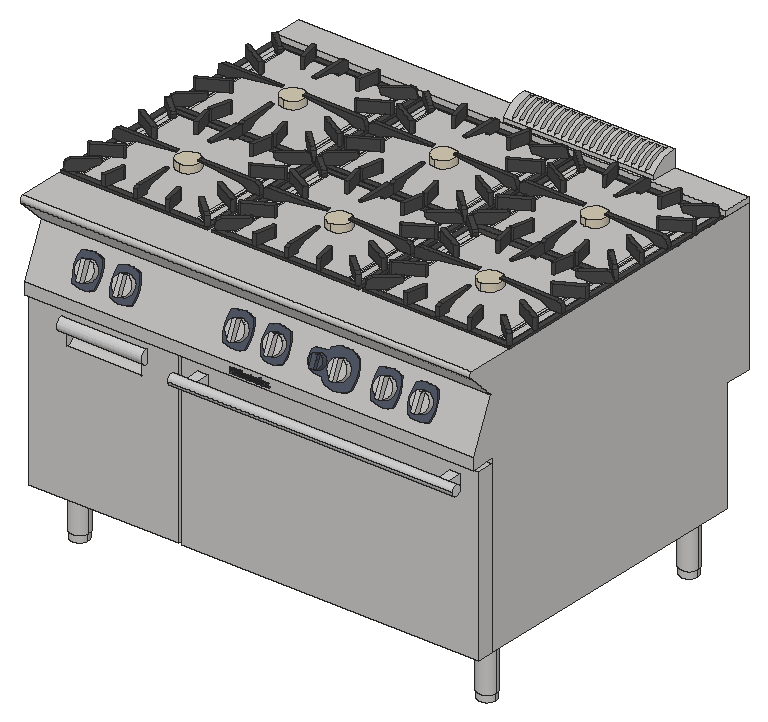
Revit family "QF_ELECTROLUXPROFESSIONAL_391583_E9AAOTBFMII", category Attrezzature speciali, Revit 2018
Family settings
  Quota connettore circolare = Usa diametro
  Tipo di parte = Normale
  Basato su piano di lavoro = No
  Sempre verticale = Sì
  Taglio con vuoti quando caricato = No
  Condiviso = No
  Punto di calcolo locali = No
Parameters (values of type "Standard")
  Weight = 164.00 kg
  Watts = 0 W
  Volts = 0 V
  URL Manufacturer = "https://www.electroluxprofessional.com/"
  URL = "https://www.electroluxprofessional.com/"
  Steam Supply Size = 0"
  Steam Supply Minimum Pressure = 0.00 psi
  Steam Supply Maximum Pressure = 0.00 psi
  Steam Consumption per Hour = 0
  Show Logo [instance] = yes
  Show Clearance [instance] = yes
  Refrigeration Suction Line Size = 0 mm
  Refrigeration Liquid Line Size = 0 mm
  Refrigerant Compressor Remote = yes
  Phase = 0
  Modello = "E9AAOTBFMII"
  Produttore = "Electrolux Professional"
  Length Actual = 1200 mm  # constant formula
  Item Number = "391583"
  Hot Water Size = 0"
  Height Actual = 850 mm  # constant formula
  HP = "0 HP"
  Gas Size = 1/2"
  Gas KW = 68.5
  Gas Input Pressure = 1.36309 Btu/h
  Direct Waste Size = 0"
  Descrizione = "6-BURNER (10KW) GAS RANGE+OVEN+CUPBOARD 1200MM - QMARK"
  Depth Actual = 930 mm  # constant formula
  Cycle = 0 Hz
  Condensate Return Size = 0"
  Compressed Air Volume = 0 GPM
  Compressed Air Size = 0"
  Compressed Air Pressure = 0.00 psi
  Cold Water Size = 0"
  Assembly Code = ""
  Accessory = yes
Values of the unnamed type that differ from the named types
  Weight = 0.00 kg
  URL Manufacturer = ""
  Item Number = ""
  HP = ""
  Gas KW = 0
  Gas Input Pressure = 0.0 Btu/h
Reference planes
  plane 1 "BACK": y = 0
  plane 2: z = 0
  plane 3 "LEFT": x = 0
  plane 4 "RIGHT": x = 1200
  plane 5 "FRONT": y = -700
  plane 6 "TOP": z = 909
  plane 7 "Center Y": x = 600
  plane 8 "Center X": y = -350
  plane 9 "Base": z = 150
  plane 10: z = 850.9
  plane 11: y = -930
  plane 12: y = -1109
  plane 13: y = -128
  plane 14: y = -802
  plane 15: y = -1309
  plane 16: y = -665
  plane 17: x = 56
  plane 18: x = 1144
Forms (mm)
  Extrusion 1, solid, material "QF_Finishes_Stainless Steel"
    sketch origin (0, 0, 0) x (0, 1, 0) y (0, 0, 1)
      loop
        line (0, 450) -> (0, 850.9) -> (-921.37, 850.9)
        arc (-921.37, 850.9) -> (-929.343, 845.573) -> (-927.472, 836.168) r 8.63
        line (-927.472, 836.168) -> (-858.266, 766.833) -> (-915.833, 641.476) -> (-915.833, 610.179) -> (-855.839, 614.875)
        arc (-855.839, 614.875) -> (-853.314, 614.127) -> (-852.222, 611.731) r 3.175
        line (-852.222, 611.731) -> (-852.222, 150) -> (-71, 150) -> (-71, 450) -> (0, 450)
    from 0 to 1200
  Extrusion 2, solid, material "QF_Finishes_Stainless Steel"
    sketch origin (0, -852.222, 611.731) x (0, 0, -1) y (1, 0, 0)
      loop
        line (461.731, 408.5) -> (461.731, 1200) -> (9.61, 1200) -> (9.61, 408.5) -> (461.731, 408.5)
      loop
        line (461.731, 0) -> (461.731, 400.5) -> (9.61, 400.5) -> (9.61, 0) -> (461.731, 0)
      loop
        line (95.781, 100.253) -> (95.781, 300.8) -> (44.981, 300.8) -> (44.981, 100.253) -> (95.781, 100.253)
    from 3.175 to 47.778
  Extrusion 3, solid, material "QF_Finishes_Stainless Steel"
    sketch origin (0, 0, 0) x (0, -1, 0) y (0, 0, 1)
      loop
        line (0, 850.9) -> (76.2, 850.9) -> (76.2, 865.188) -> (0, 865.188) -> (0, 850.9)
    from 0 to -1200
  Extrusion 4, solid, material "QF_Finishes_Stainless Steel"
    sketch origin (0, -852.222, 150) x (1, 0, 0) y (0, -1, 0)
      loop
        circle (1149, -187.222) r 6.4
    from 0 to 21
  Extrusion 5, solid, material "QF_Door-Drawer Clearances", visible <- "Show Clearance", detail levels coarse
    sketch origin (0, -200, 0) x (0, 1, 0) y (0, 0, 1)
      loop
        line (-1109, 150) -> (-700, 150) -> (-700, 601.405)
        arc (-700, 601.405) -> (-991.543, 454.568) -> (-1109, 150) r 453.603
    from 0 to 1200
  Extrusion 6, solid, material "QF_Clearances", visible <- "Show Clearance", detail levels coarse
    sketch origin (0, -200, 0) x (1, 0, 0) y (0, 1, 0)
      loop
        line (-100, -730) -> (0, -730) -> (0, 200) -> (1200, 200) -> (1200, -730) -> (1300, -730) -> (1300, 300) -> (-100, 300) -> (-100, -730)
    from 0 to 908.85
  Extrusion 7, solid, material "QF_Finishes_Handrails and Railings"
    sketch origin (400, -200, 0) x (0, 1, 0) y (0, 0, 1)
      loop
        line (-700, 580.001) -> (-738.549, 577.296)
        arc (-738.549, 577.296) -> (-739.742, 563.489) -> (-752.852, 558.993) r 12.7
        arc (-752.852, 558.993) -> (-752.311, 558.176) -> (-751.712, 557.401) r 13.441
        arc (-751.712, 557.401) -> (-749.907, 555.955) -> (-747.68, 555.335) r 5.77
        line (-747.68, 555.335) -> (-700, 551.992) -> (-700, 580.001)
    from 50.8 to 76.2
  Extrusion 8, solid, material "QF_Finishes_Handrails and Railings"
    sketch origin (1200, -200, 0) x (0, 1, 0) y (0, 0, -1)
      loop
        line (-700, -580.001) -> (-700, -551.992) -> (-747.68, -555.335)
        arc (-747.68, -555.335) -> (-749.907, -555.955) -> (-751.712, -557.401) r 5.77
        arc (-751.712, -557.401) -> (-752.311, -558.176) -> (-752.852, -558.993) r 13.441
        arc (-752.852, -558.993) -> (-739.742, -563.489) -> (-738.549, -577.296) r 12.7
        line (-738.549, -577.296) -> (-700, -580.001)
    from 50.8 to 76.2
  Extrusion 9, solid, material "QF_Finishes_Handrails and Railings"
    sketch origin (400, -200, 0) x (0, 1, 0) y (0, 0, 1)
      loop
        circle (-749.749, 571.309) r 12.7
    from 19.875 to 780.125
  Extrusion 10, solid, material "QF_Finishes_Handrails and Railings"
    sketch origin (177.525, -643.896, 1933.213) x (0, 0.885087, 0.465426) y (0, -0.465426, 0.885087)
      loop
        arc (-854.629, -1074.965) -> (-878.641, -1082.427) -> (-871.18, -1106.439) r 17.78
        line (-871.18, -1106.439) -> (-854.629, -1074.965)
    from -89.972 to 135.975
  Extrusion 11, solid, material "QF_Finishes_Stainless Steel"
    sketch origin (-22.5, -200, 28.959) x (0, 1, 0) y (0, 0, 1)
      loop
        line (-700, 486.991) -> (-657.087, 486.991) -> (-657.087, 537.791) -> (-678.147, 537.791) -> (-678.147, 511.464)
        arc (-678.147, 511.464) -> (-684.405, 495.059) -> (-700, 486.991) r 24.63
    from 122.753 to 323.3
  Extrusion 12, solid, material "QF_Finishes_Navy Blue"
    sketch origin (405.244, -913.772, 646.186) x (0, 0.418102, 0.9084) y (-1, 0, 0)
      loop
        arc (102.623, -510.47) -> (67.041, -502.846) -> (31.333, -509.853) r 90.5
        arc (31.333, -509.853) -> (24.507, -539.04) -> (31.333, -568.228) r 65.817
        arc (31.333, -568.228) -> (67.04, -575.188) -> (102.623, -567.615) r 91.066
        arc (102.623, -567.615) -> (109.179, -539.043) -> (102.623, -510.47) r 65.546
    from 0 to 3.175
  Extrusion 13, solid, material "QF_Finishes_Stainless Steel"
    sketch origin (783.994, -917.485, 645.711) x (0, 0.418102, 0.9084) y (-1, 0, 0)
      loop
        circle (68.826, -160.963) r 25.4
    from 0 to 12.7
  Extrusion 14, solid, material "QF_Finishes_Stainless Steel"
    sketch origin (783.994, -929.022, 651.021) x (0, 0.418102, 0.9084) y (-1, 0, 0)
      loop
        arc (93.558, -166.749) -> (94.226, -160.963) -> (93.558, -155.177) r 25.4
        line (93.558, -155.177) -> (44.094, -155.177)
        arc (44.094, -155.177) -> (43.426, -160.963) -> (44.094, -166.749) r 25.4
        line (44.094, -166.749) -> (93.558, -166.749)
    from 0 to 12.7
  Extrusion 15, solid, material "QF_Finishes_Navy Blue"
    sketch origin (282.787, -913.772, 646.186) x (0, 0.418102, 0.9084) y (-1, 0, 0)
      loop
        arc (104.355, -502.587) -> (101.326, -501.258) -> (98.25, -500.039) r 91.066
        arc (98.25, -500.039) -> (96.592, -482.449) -> (93.213, -465.107) r 179.528
        arc (93.213, -465.107) -> (69.244, -452.795) -> (45.274, -465.107) r 29.489
        arc (45.274, -465.107) -> (38.909, -481.441) -> (37.449, -498.912) r 61.044
        arc (37.449, -498.912) -> (34.471, -499.962) -> (31.532, -501.116) r 91.066
        arc (31.532, -501.116) -> (19.517, -540.223) -> (32.929, -578.873) r 65.817
        arc (32.929, -578.873) -> (68.105, -585.173) -> (102.996, -577.452) r 91.066
        arc (102.996, -577.452) -> (115.418, -540.233) -> (104.355, -502.587) r 65.546
    from 0 to 3.175
  Extrusion 16, solid, material "QF_Finishes_Stainless Steel"
    sketch origin (661.537, -917.485, 645.711) x (0, 0.418102, 0.9084) y (-1, 0, 0)
      loop
        circle (68.826, -160.963) r 25.4
    from 0 to 12.7
  Extrusion 17, solid, material "QF_Finishes_Stainless Steel"
    sketch origin (661.537, -929.022, 651.021) x (0, 0.418102, 0.9084) y (-1, 0, 0)
      loop
        arc (93.558, -166.749) -> (94.226, -160.963) -> (93.558, -155.177) r 25.4
        line (93.558, -155.177) -> (44.094, -155.177)
        arc (44.094, -155.177) -> (43.426, -160.963) -> (44.094, -166.749) r 25.4
        line (44.094, -166.749) -> (93.558, -166.749)
    from 0 to 12.7
  Extrusion 18, solid, material "QF_Finishes_Navy Blue"
    sketch origin (604.037, -917.485, 645.711) x (0, 0.418102, 0.9084) y (-1, 0, 0)
      loop
        circle (68.826, -160.963) r 18.37
    from 0 to 12.7
  Extrusion 19, solid, material "QF_Finishes_Navy Blue"
    sketch origin (602.746, -929.022, 651.021) x (0, 0.418102, 0.9084) y (-1, 0, 0)
      loop
        arc (84.808, -167.687) -> (85.476, -161.901) -> (84.808, -156.114) r 25.4
        line (84.808, -156.114) -> (52.844, -156.114)
        arc (52.844, -156.114) -> (52.176, -161.901) -> (52.844, -167.687) r 25.4
        line (52.844, -167.687) -> (84.808, -167.687)
    from 0 to 8.112
  Extrusion 20, solid, material "QF_Finishes_Navy Blue"
    sketch origin (-392.256, -913.772, 646.186) x (0, 0.418102, 0.9084) y (-1, 0, 0)
      loop
        arc (102.623, -510.47) -> (67.041, -502.846) -> (31.333, -509.853) r 90.5
        arc (31.333, -509.853) -> (24.507, -539.04) -> (31.333, -568.228) r 65.817
        arc (31.333, -568.228) -> (67.04, -575.188) -> (102.623, -567.615) r 91.066
        arc (102.623, -567.615) -> (109.179, -539.043) -> (102.623, -510.47) r 65.546
    from 0 to 3.175
  Extrusion 21, solid, material "QF_Finishes_Stainless Steel"
    sketch origin (-13.506, -917.485, 645.711) x (0, 0.418102, 0.9084) y (-1, 0, 0)
      loop
        circle (68.826, -160.963) r 25.4
    from 0 to 12.7
  Extrusion 22, solid, material "QF_Finishes_Stainless Steel"
    sketch origin (-13.506, -929.022, 651.021) x (0, 0.418102, 0.9084) y (-1, 0, 0)
      loop
        arc (93.558, -166.749) -> (94.226, -160.963) -> (93.558, -155.177) r 25.4
        line (93.558, -155.177) -> (44.094, -155.177)
        arc (44.094, -155.177) -> (43.426, -160.963) -> (44.094, -166.749) r 25.4
        line (44.094, -166.749) -> (93.558, -166.749)
    from 0 to 12.7
  Extrusion 23, solid, material "QF_Finishes_Navy Blue"
    sketch origin (-292.256, -913.772, 646.186) x (0, 0.418102, 0.9084) y (-1, 0, 0)
      loop
        arc (102.623, -510.47) -> (67.041, -502.846) -> (31.333, -509.853) r 90.5
        arc (31.333, -509.853) -> (24.507, -539.04) -> (31.333, -568.228) r 65.817
        arc (31.333, -568.228) -> (67.04, -575.188) -> (102.623, -567.615) r 91.066
        arc (102.623, -567.615) -> (109.179, -539.043) -> (102.623, -510.47) r 65.546
    from 0 to 3.175
  Extrusion 24, solid, material "QF_Finishes_Stainless Steel"
    sketch origin (86.494, -917.485, 645.711) x (0, 0.418102, 0.9084) y (-1, 0, 0)
      loop
        circle (68.826, -160.963) r 25.4
    from 0 to 12.7
  Extrusion 25, solid, material "QF_Finishes_Stainless Steel"
    sketch origin (86.494, -929.022, 651.021) x (0, 0.418102, 0.9084) y (-1, 0, 0)
      loop
        arc (93.558, -166.749) -> (94.226, -160.963) -> (93.558, -155.177) r 25.4
        line (93.558, -155.177) -> (44.094, -155.177)
        arc (44.094, -155.177) -> (43.426, -160.963) -> (44.094, -166.749) r 25.4
        line (44.094, -166.749) -> (93.558, -166.749)
    from 0 to 12.7
  Extrusion 26, solid, material "QF_Finishes_Stainless Steel"
    sketch origin (202.4, -200, 590.5) x (0, 1, 0) y (0, 0, 1)
      loop
        line (200, 274.688) -> (200, 318.5)
        arc (200, 318.5) -> (160.905, 309.851) -> (130.15, 284.212) r 84.706
        line (130.15, 284.212) -> (130.15, 274.688) -> (200, 274.688)
    from 400 to 800
  Extrusion 27, solid, material "QF_Finishes_Navy Blue"
    sketch origin (502.744, -913.772, 646.186) x (0, 0.418102, 0.9084) y (-1, 0, 0)
      loop
        arc (102.623, -510.47) -> (67.041, -502.846) -> (31.333, -509.853) r 90.5
        arc (31.333, -509.853) -> (24.507, -539.04) -> (31.333, -568.228) r 65.817
        arc (31.333, -568.228) -> (67.04, -575.188) -> (102.623, -567.615) r 91.066
        arc (102.623, -567.615) -> (109.179, -539.043) -> (102.623, -510.47) r 65.546
    from 0 to 3.175
  Extrusion 28, solid, material "QF_Finishes_Stainless Steel"
    sketch origin (881.494, -917.485, 645.711) x (0, 0.418102, 0.9084) y (-1, 0, 0)
      loop
        circle (68.826, -160.963) r 25.4
    from 0 to 12.7
  Extrusion 29, solid, material "QF_Finishes_Stainless Steel"
    sketch origin (881.494, -929.022, 651.021) x (0, 0.418102, 0.9084) y (-1, 0, 0)
      loop
        arc (93.558, -166.749) -> (94.226, -160.963) -> (93.558, -155.177) r 25.4
        line (93.558, -155.177) -> (44.094, -155.177)
        arc (44.094, -155.177) -> (43.426, -160.963) -> (44.094, -166.749) r 25.4
        line (44.094, -166.749) -> (93.558, -166.749)
    from 0 to 12.7
  Extrusion 30, solid, material "QF_Finishes_Navy Blue"
    sketch origin (10.244, -913.772, 646.186) x (0, 0.418102, 0.9084) y (-1, 0, 0)
      loop
        arc (102.623, -510.47) -> (67.041, -502.846) -> (31.333, -509.853) r 90.5
        arc (31.333, -509.853) -> (24.507, -539.04) -> (31.333, -568.228) r 65.817
        arc (31.333, -568.228) -> (67.04, -575.188) -> (102.623, -567.615) r 91.066
        arc (102.623, -567.615) -> (109.179, -539.043) -> (102.623, -510.47) r 65.546
    from 0 to 3.175
  Extrusion 31, solid, material "QF_Finishes_Stainless Steel"
    sketch origin (388.994, -917.485, 645.711) x (0, 0.418102, 0.9084) y (-1, 0, 0)
      loop
        circle (68.826, -160.963) r 25.4
    from 0 to 12.7
  Extrusion 32, solid, material "QF_Finishes_Stainless Steel"
    sketch origin (388.994, -929.022, 651.021) x (0, 0.418102, 0.9084) y (-1, 0, 0)
      loop
        arc (93.558, -166.749) -> (94.226, -160.963) -> (93.558, -155.177) r 25.4
        line (93.558, -155.177) -> (44.094, -155.177)
        arc (44.094, -155.177) -> (43.426, -160.963) -> (44.094, -166.749) r 25.4
        line (44.094, -166.749) -> (93.558, -166.749)
    from 0 to 12.7
  Extrusion 33, solid, material "QF_Finishes_Navy Blue"
    sketch origin (110.244, -913.772, 646.186) x (0, 0.418102, 0.9084) y (-1, 0, 0)
      loop
        arc (102.623, -510.47) -> (67.041, -502.846) -> (31.333, -509.853) r 90.5
        arc (31.333, -509.853) -> (24.507, -539.04) -> (31.333, -568.228) r 65.817
        arc (31.333, -568.228) -> (67.04, -575.188) -> (102.623, -567.615) r 91.066
        arc (102.623, -567.615) -> (109.179, -539.043) -> (102.623, -510.47) r 65.546
    from 0 to 3.175
  Extrusion 34, solid, material "QF_Finishes_Stainless Steel"
    sketch origin (488.994, -917.485, 645.711) x (0, 0.418102, 0.9084) y (-1, 0, 0)
      loop
        circle (68.826, -160.963) r 25.4
    from 0 to 12.7
  Extrusion 35, solid, material "QF_Finishes_Stainless Steel"
    sketch origin (488.994, -929.022, 651.021) x (0, 0.418102, 0.9084) y (-1, 0, 0)
      loop
        arc (93.558, -166.749) -> (94.226, -160.963) -> (93.558, -155.177) r 25.4
        line (93.558, -155.177) -> (44.094, -155.177)
        arc (44.094, -155.177) -> (43.426, -160.963) -> (44.094, -166.749) r 25.4
        line (44.094, -166.749) -> (93.558, -166.749)
    from 0 to 12.7
  Extrusion 36, solid, material "QF_Finishes_Navy Blue", visible <- "Show Logo"
    sketch origin (261.109, -915.962, 610.773) x (0, 0, 1) y (-1, 0, 0)
      loop
        line (20.674, -296.698) -> (8.307, -296.698)
        arc (8.307, -296.698) -> (14.491, -301.27) -> (20.674, -296.698) r 6.467
      loop
        arc (20.674, -296.069) -> (19.505, -290.926) -> (14.849, -288.448) r 6.338
        line (14.849, -288.448) -> (14.849, -290.494)
        arc (14.849, -290.494) -> (16.333, -294.149) -> (19.778, -296.069) r 5.941
        line (19.778, -296.069) -> (20.674, -296.069)
      loop
        arc (9.203, -296.069) -> (12.648, -294.149) -> (14.132, -290.494) r 5.941
        line (14.132, -290.494) -> (14.132, -288.448)
        arc (14.132, -288.448) -> (9.438, -290.922) -> (8.148, -296.069) r 6.504
        line (8.148, -296.069) -> (9.203, -296.069)
      loop
        line (21.349, -287.979) -> (7.604, -287.979) -> (7.604, -301.742) -> (21.349, -301.742) -> (21.349, -287.979)
      loop
        arc (21.432, -304.71) -> (21.085, -304.352) -> (20.718, -304.69) r 0.358
        arc (20.718, -304.69) -> (20.404, -305.44) -> (19.687, -305.825) r 1.216
        line (19.687, -305.825) -> (9.274, -305.825)
        arc (9.274, -305.825) -> (8.614, -305.548) -> (8.218, -304.951) r 1.238
        arc (8.218, -304.951) -> (7.823, -304.7) -> (7.518, -305.054) r 0.358
        line (7.518, -305.054) -> (7.518, -314.933) -> (10.269, -314.933) -> (10.269, -314.036)
        arc (10.269, -314.036) -> (9.36, -313.456) -> (8.904, -312.479) r 1.928
        line (8.904, -312.479) -> (8.904, -309.98)
        arc (8.904, -309.98) -> (9.18, -309.251) -> (9.868, -308.887) r 1.101
        line (9.868, -308.887) -> (13.955, -308.887) -> (13.955, -312.561)
        arc (13.955, -312.561) -> (13.602, -313.058) -> (13.037, -313.286) r 1.083
        arc (13.037, -313.286) -> (12.773, -313.591) -> (13.065, -313.869) r 0.292
        line (13.065, -313.869) -> (16.028, -313.869)
        arc (16.028, -313.869) -> (16.33, -313.596) -> (16.092, -313.266) r 0.305
        arc (16.092, -313.266) -> (15.601, -313.018) -> (15.296, -312.561) r 1.083
        line (15.296, -312.561) -> (15.296, -308.887) -> (19.973, -308.887) -> (19.973, -312.635)
        arc (19.973, -312.635) -> (19.759, -313.39) -> (19.153, -313.888) r 1.314
        arc (19.153, -313.888) -> (18.934, -314.292) -> (19.288, -314.585) r 0.361
        line (19.288, -314.585) -> (21.432, -314.585) -> (21.432, -304.71)
      loop
        arc (20.715, -315.365) -> (20.335, -316.284) -> (19.416, -316.664) r 1.299
        line (19.416, -316.664) -> (9.837, -316.664)
        arc (9.837, -316.664) -> (8.999, -316.286) -> (8.728, -315.408) r 1.118
        line (8.728, -315.408) -> (7.518, -315.408) -> (7.518, -320.758) -> (8.706, -320.758)
        arc (8.706, -320.758) -> (8.978, -319.841) -> (9.848, -319.445) r 1.153
        line (9.848, -319.445) -> (21.92, -319.445) -> (20.715, -315.365)
      loop
        line (12.483, -323.394) -> (12.483, -329.842) -> (13.282, -329.842)
        arc (13.282, -329.842) -> (15.862, -328.857) -> (17.131, -326.404) r 3.874
        line (17.131, -326.404) -> (17.131, -324.643)
        arc (17.131, -324.643) -> (15.944, -321.778) -> (13.08, -320.592) r 4.051
        line (13.08, -320.592) -> (11.072, -320.592)
        arc (11.072, -320.592) -> (8.253, -322.077) -> (7.202, -325.084) r 4.352
        arc (7.202, -325.084) -> (7.566, -327.547) -> (8.943, -329.621) r 5.713
        line (8.943, -329.621) -> (9.892, -329.621)
        arc (9.892, -329.621) -> (9.16, -328.052) -> (8.943, -326.334) r 5.579
        arc (8.943, -326.334) -> (9.737, -324.371) -> (11.616, -323.394) r 3.057
        line (11.616, -323.394) -> (12.483, -323.394)
      loop
        line (13.742, -323.394) -> (13.742, -326.977)
        arc (13.742, -326.977) -> (15.199, -327.024) -> (16.082, -325.864) r 1.59
        line (16.082, -325.864) -> (16.082, -325.034)
        arc (16.082, -325.034) -> (15.217, -323.779) -> (13.742, -323.394) r 2.184
      loop
        arc (16.533, -339.259) -> (17.022, -337.585) -> (17.179, -335.848) r 9.023
        line (17.179, -335.848) -> (17.179, -334.486)
        arc (17.179, -334.486) -> (16.02, -331.686) -> (13.22, -330.527) r 3.959
        line (13.22, -330.527) -> (10.62, -330.527)
        arc (10.62, -330.527) -> (8.338, -331.819) -> (7.221, -334.192) r 4.331
        line (7.221, -334.192) -> (7.221, -336.327)
        arc (7.221, -336.327) -> (7.729, -337.877) -> (8.651, -339.223) r 5.772
        arc (8.651, -339.223) -> (9.412, -339.274) -> (9.499, -338.515) r 0.553
        arc (9.499, -338.515) -> (9.111, -337.781) -> (8.977, -336.962) r 2.573
        line (8.977, -336.962) -> (8.977, -335.447)
        arc (8.977, -335.447) -> (9.983, -333.806) -> (11.798, -333.163) r 2.884
        line (11.798, -333.163) -> (13.077, -333.163)
        arc (13.077, -333.163) -> (14.898, -333.723) -> (15.824, -335.388) r 2.554
        line (15.824, -335.388) -> (15.824, -336.441)
        arc (15.824, -336.441) -> (15.493, -337.369) -> (14.836, -338.104) r 2.564
        arc (14.836, -338.104) -> (14.614, -338.821) -> (15.223, -339.259) r 0.643
        line (15.223, -339.259) -> (16.533, -339.259)
      loop
        line (15.515, -339.53) -> (15.515, -341.031) -> (9.467, -341.031)
        arc (9.467, -341.031) -> (7.879, -341.688) -> (7.221, -343.276) r 2.246
        line (7.221, -343.276) -> (7.221, -344.86)
        arc (7.221, -344.86) -> (7.535, -345.725) -> (8.035, -346.496) r 4.06
        arc (8.035, -346.496) -> (8.768, -346.629) -> (9.019, -345.928) r 0.576
        arc (9.019, -345.928) -> (8.913, -345.403) -> (8.977, -344.87) r 1.69
        arc (8.977, -344.87) -> (9.519, -344.082) -> (10.425, -343.779) r 1.506
        line (10.425, -343.779) -> (15.563, -343.779) -> (15.563, -346.176) -> (16.119, -346.733) -> (16.941, -346.733) -> (16.941, -343.873) -> (20.172, -343.873) -> (15.515, -339.53)
      loop
        line (7.438, -347.63) -> (7.438, -353.017) -> (8.548, -353.017)
        arc (8.548, -353.017) -> (8.942, -352.066) -> (9.893, -351.672) r 1.345
        line (9.893, -351.672) -> (13.509, -351.672)
        arc (13.509, -351.672) -> (14.274, -352.264) -> (14.564, -353.186) r 1.615
        line (14.564, -353.186) -> (14.564, -354.742) -> (17.119, -355.427) -> (17.119, -354.044) -> (15.177, -351.485) -> (17.057, -351.485) -> (16.773, -348.779)
        arc (16.773, -348.779) -> (16.333, -348.249) -> (15.674, -348.45) r 0.621
        arc (15.674, -348.45) -> (15.274, -348.792) -> (14.78, -348.975) r 1.501
        line (14.78, -348.975) -> (9.893, -348.975)
        arc (9.893, -348.975) -> (8.942, -348.581) -> (8.548, -347.63) r 1.345
        line (8.548, -347.63) -> (7.438, -347.63)
      loop
        line (13.54, -354.964) -> (10.848, -354.964)
        arc (10.848, -354.964) -> (8.403, -356.272) -> (7.269, -358.803) r 4.288
        arc (7.269, -358.803) -> (7.205, -360.183) -> (7.269, -361.563) r 15.022
        arc (7.269, -361.563) -> (8.403, -364.094) -> (10.848, -365.401) r 4.288
        line (10.848, -365.401) -> (13.54, -365.401)
        arc (13.54, -365.401) -> (15.986, -364.094) -> (17.119, -361.563) r 4.288
        arc (17.119, -361.563) -> (17.183, -360.183) -> (17.119, -358.803) r 15.022
        arc (17.119, -358.803) -> (15.986, -356.272) -> (13.54, -354.964) r 4.288
      loop
        line (13.745, -358.078) -> (10.643, -358.078)
        arc (10.643, -358.078) -> (8.486, -360.235) -> (10.643, -362.392) r 2.157
        line (10.643, -362.392) -> (13.745, -362.392)
        arc (13.745, -362.392) -> (15.902, -360.235) -> (13.745, -358.078) r 2.157
      loop
        arc (20.726, -365.26) -> (20.355, -366.154) -> (19.461, -366.524) r 1.264
        line (19.461, -366.524) -> (9.597, -366.524)
        arc (9.597, -366.524) -> (8.727, -366.127) -> (8.455, -365.211) r 1.153
        line (8.455, -365.211) -> (7.518, -365.211) -> (7.518, -370.319) -> (8.446, -370.319)
        arc (8.446, -370.319) -> (8.805, -369.547) -> (9.597, -369.232) r 1.153
        line (9.597, -369.232) -> (21.92, -369.232) -> (20.726, -365.26)
      loop
        arc (15.846, -369.857) -> (15.647, -370.921) -> (14.678, -371.403) r 1.215
        line (14.678, -371.403) -> (9.658, -371.403)
        arc (9.658, -371.403) -> (8.043, -372.051) -> (7.322, -373.634) r 2.338
        line (7.322, -373.634) -> (7.322, -375.148)
        arc (7.322, -375.148) -> (7.497, -376.152) -> (7.999, -377.038) r 2.979
        line (7.999, -377.038) -> (7.518, -378.835) -> (7.518, -380.524) -> (16.943, -380.524) -> (16.649, -376.32) -> (15.863, -376.32)
        arc (15.863, -376.32) -> (15.507, -377.156) -> (14.755, -377.665) r 1.605
        line (14.755, -377.665) -> (9.652, -377.665)
        arc (9.652, -377.665) -> (9.232, -376.728) -> (9.159, -375.704) r 2.94
        arc (9.159, -375.704) -> (9.72, -374.603) -> (10.873, -374.16) r 1.724
        line (10.873, -374.16) -> (17.07, -374.16) -> (15.846, -369.857)
      loop
        line (16.874, -381.377) -> (15.202, -383.423) -> (12.028, -385.729) -> (8.572, -382.617)
        arc (8.572, -382.617) -> (8.335, -382.223) -> (8.357, -381.764) r 0.789
        line (8.357, -381.764) -> (7.518, -381.764) -> (7.518, -385.309) -> (8.344, -385.309)
        arc (8.344, -385.309) -> (8.686, -384.947) -> (9.176, -385.039) r 0.52
        line (9.176, -385.039) -> (10.976, -386.51) -> (8.858, -387.886)
        arc (8.858, -387.886) -> (8.457, -387.576) -> (8.37, -387.076) r 0.7
        line (8.37, -387.076) -> (7.518, -387.076) -> (7.518, -393.003) -> (8.405, -393.003)
        arc (8.405, -393.003) -> (8.472, -392.344) -> (8.866, -391.813) r 1.247
        line (8.866, -391.813) -> (13.066, -388.532) -> (15.513, -390.585) -> (16.874, -392.327) -> (16.874, -388.604) -> (15.389, -389.026) -> (13.868, -387.749) -> (15.568, -386.559) -> (16.874, -387.336) -> (16.874, -381.377)
    from 0 to 1.644
  Revolve 37, solid, material "QF_Finishes_Stainless Steel"
    sketch origin (799, -128, 0) x (-1, 0, 0) y (0, 0, -1)
      loop
        line (-345, 0) -> (-367.9, 0) -> (-367.9, -19.05) -> (-370.4, -19.05) -> (-370.4, -150) -> (-345, -150) -> (-345, 0)
      axis (-345, 0) -> (-345, -150)
    angle from 0 to 360
  Revolve 38, solid, material "QF_Finishes_Stainless Steel"
    sketch origin (799, -802, 0) x (-1, 0, 0) y (0, 0, -1)
      loop
        line (-345, 0) -> (-367.9, 0) -> (-367.9, -19.05) -> (-370.4, -19.05) -> (-370.4, -150) -> (-345, -150) -> (-345, 0)
      axis (-345, 0) -> (-345, -150)
    angle from 0 to 360
  Extrusion 39, void
    sketch origin (-62.611, 0, 865.138) x (-1, 0, 0) y (0, -1, 0)
      loop
        line (-695.005, 6.761) -> (-685.709, 6.761) -> (-685.709, 63.911) -> (-695.005, 63.911) -> (-695.005, 6.761)
      loop
        line (-713.697, 6.761) -> (-704.401, 6.761) -> (-704.401, 63.911) -> (-713.697, 63.911) -> (-713.697, 6.761)
      loop
        line (-732.39, 6.761) -> (-723.094, 6.761) -> (-723.094, 63.911) -> (-732.39, 63.911) -> (-732.39, 6.761)
      loop
        line (-751.082, 6.761) -> (-741.787, 6.761) -> (-741.787, 63.911) -> (-751.082, 63.911) -> (-751.082, 6.761)
      loop
        line (-769.775, 6.761) -> (-760.479, 6.761) -> (-760.479, 63.911) -> (-769.775, 63.911) -> (-769.775, 6.761)
      loop
        line (-788.468, 6.761) -> (-779.172, 6.761) -> (-779.172, 63.911) -> (-788.468, 63.911) -> (-788.468, 6.761)
      loop
        line (-807.16, 6.761) -> (-797.864, 6.761) -> (-797.864, 63.911) -> (-807.16, 63.911) -> (-807.16, 6.761)
      loop
        line (-825.853, 6.761) -> (-816.557, 6.761) -> (-816.557, 63.911) -> (-825.853, 63.911) -> (-825.853, 6.761)
      loop
        line (-844.545, 6.761) -> (-835.25, 6.761) -> (-835.25, 63.911) -> (-844.545, 63.911) -> (-844.545, 6.761)
      loop
        line (-863.238, 6.761) -> (-853.942, 6.761) -> (-853.942, 63.911) -> (-863.238, 63.911) -> (-863.238, 6.761)
      loop
        line (-881.931, 6.761) -> (-872.635, 6.761) -> (-872.635, 63.911) -> (-881.931, 63.911) -> (-881.931, 6.761)
      loop
        line (-900.623, 6.761) -> (-891.328, 6.761) -> (-891.328, 63.911) -> (-900.623, 63.911) -> (-900.623, 6.761)
      loop
        line (-919.316, 6.761) -> (-910.02, 6.761) -> (-910.02, 63.911) -> (-919.316, 63.911) -> (-919.316, 6.761)
      loop
        line (-938.008, 6.761) -> (-928.713, 6.761) -> (-928.713, 63.911) -> (-938.008, 63.911) -> (-938.008, 6.761)
      loop
        line (-956.701, 6.761) -> (-947.405, 6.761) -> (-947.405, 63.911) -> (-956.701, 63.911) -> (-956.701, 6.761)
      loop
        line (-975.394, 6.761) -> (-966.098, 6.761) -> (-966.098, 63.911) -> (-975.394, 63.911) -> (-975.394, 6.761)
      loop
        line (-994.086, 6.761) -> (-984.791, 6.761) -> (-984.791, 63.911) -> (-994.086, 63.911) -> (-994.086, 6.761)
      loop
        line (-1012.779, 6.761) -> (-1003.483, 6.761) -> (-1003.483, 63.911) -> (-1012.779, 63.911) -> (-1012.779, 6.761)
      loop
        line (-1031.472, 6.761) -> (-1022.176, 6.761) -> (-1022.176, 63.911) -> (-1031.472, 63.911) -> (-1031.472, 6.761)
      loop
        line (-1050.164, 6.761) -> (-1040.868, 6.761) -> (-1040.868, 63.911) -> (-1050.164, 63.911) -> (-1050.164, 6.761)
    from 9.525 to 45.348
  Revolve 40, solid, material "QF_Finishes_Stainless Steel"
    sketch origin (1, -128, 0) x (1, 0, 0) y (0, 0, 1)
      loop
        line (55, 0) -> (55, 150) -> (29.6, 150) -> (29.6, 19.05) -> (32.1, 19.05) -> (32.1, 0) -> (55, 0)
      axis (55, 0) -> (55, 150)
    angle from 0 to 360
  Revolve 41, solid, material "QF_Finishes_Stainless Steel"
    sketch origin (1, -802, 0) x (1, 0, 0) y (0, 0, 1)
      loop
        line (55, 0) -> (55, 150) -> (29.6, 150) -> (29.6, 19.05) -> (32.1, 19.05) -> (32.1, 0) -> (55, 0)
      axis (55, 0) -> (55, 150)
    angle from 0 to 360
Cuts and joins
  Extrusion 39 cuts Extrusion 26
Lines and regions (mm)
  symbolic lines, style "QF_Door-Drawer Clearances"
    curve 1: line (0, -930, 150) -> (0, -1309, 150)
    curve 2: line (0, -1309, 150) -> (1200, -1309, 150)
    curve 3: line (1200, -1309, 150) -> (1200, -930, 150)
  symbolic lines
    curve 4: line (1200, -930, 150) -> (0, -930, 150)
    curve 5: line (0, 0, 150) -> (0, -930, 150)
    curve 6: line (1200, -930, 150) -> (1200, 0, 150)
    curve 7: line (0, 0, 150) -> (1200, 0, 150)
    curve 11: line (1180.125, -962.449, 150) -> (419.875, -962.449, 150)
    curve 12: line (1180.125, -937.049, 150) -> (1180.125, -962.449, 150)
    curve 13: line (1149.2, -938.549, 150) -> (1149.2, -930, 150)
    curve 14: line (1123.8, -938.549, 150) -> (1123.8, -930, 150)
    curve 15: line (1123.8, -938.549, 150) -> (1149.2, -938.549, 150)
    curve 16: line (419.875, -937.049, 150) -> (450.8, -937.049, 150)
    curve 17: line (1149.2, -937.049, 150) -> (1180.125, -937.049, 150)
    curve 18: line (632.394, -6.761, 150) -> (632.394, -63.911, 150)
    curve 19: line (632.394, -63.911, 150) -> (623.098, -63.911, 150)
    curve 20: line (623.098, -63.911, 150) -> (623.098, -6.761, 150)
    curve 21: line (623.098, -6.761, 150) -> (632.394, -6.761, 150)
    curve 22: line (838.012, -6.761, 150) -> (838.012, -63.911, 150)
    curve 23: line (838.012, -63.911, 150) -> (828.717, -63.911, 150)
    curve 24: line (828.717, -63.911, 150) -> (828.717, -6.761, 150)
    curve 25: line (828.717, -6.761, 150) -> (838.012, -6.761, 150)
    curve 26: line (819.32, -6.761, 150) -> (819.32, -63.911, 150)
    curve 27: line (819.32, -63.911, 150) -> (810.024, -63.911, 150)
    curve 28: line (810.024, -63.911, 150) -> (810.024, -6.761, 150)
    curve 29: line (810.024, -6.761, 150) -> (819.32, -6.761, 150)
    curve 30: line (800.627, -6.761, 150) -> (800.627, -63.911, 150)
    curve 31: line (800.627, -63.911, 150) -> (791.331, -63.911, 150)
    curve 32: line (791.331, -63.911, 150) -> (791.331, -6.761, 150)
    curve 33: line (791.331, -6.761, 150) -> (800.627, -6.761, 150)
    curve 34: line (781.934, -6.761, 150) -> (781.934, -63.911, 150)
    curve 35: line (781.934, -63.911, 150) -> (772.639, -63.911, 150)
    curve 36: line (772.639, -63.911, 150) -> (772.639, -6.761, 150)
    curve 37: line (772.639, -6.761, 150) -> (781.934, -6.761, 150)
    curve 38: line (763.242, -6.761, 150) -> (763.242, -63.911, 150)
    curve 39: line (763.242, -63.911, 150) -> (753.946, -63.911, 150)
    curve 40: line (753.946, -63.911, 150) -> (753.946, -6.761, 150)
    curve 41: line (753.946, -6.761, 150) -> (763.242, -6.761, 150)
    curve 42: line (744.549, -6.761, 150) -> (744.549, -63.911, 150)
    curve 43: line (744.549, -63.911, 150) -> (735.253, -63.911, 150)
    curve 44: line (735.253, -63.911, 150) -> (735.253, -6.761, 150)
    curve 45: line (735.253, -6.761, 150) -> (744.549, -6.761, 150)
    curve 46: line (725.857, -6.761, 150) -> (725.857, -63.911, 150)
    curve 47: line (725.857, -63.911, 150) -> (716.561, -63.911, 150)
    curve 48: line (716.561, -63.911, 150) -> (716.561, -6.761, 150)
    curve 49: line (716.561, -6.761, 150) -> (725.857, -6.761, 150)
    curve 50: line (707.164, -6.761, 150) -> (707.164, -63.911, 150)
    curve 51: line (707.164, -63.911, 150) -> (697.868, -63.911, 150)
    curve 52: line (697.868, -63.911, 150) -> (697.868, -6.761, 150)
    curve 53: line (697.868, -6.761, 150) -> (707.164, -6.761, 150)
    curve 54: line (688.471, -6.761, 150) -> (688.471, -63.911, 150)
    curve 55: line (688.471, -63.911, 150) -> (679.176, -63.911, 150)
    curve 56: line (679.176, -63.911, 150) -> (679.176, -6.761, 150)
    curve 57: line (679.176, -6.761, 150) -> (688.471, -6.761, 150)
    curve 58: line (669.779, -6.761, 150) -> (669.779, -63.911, 150)
    curve 59: line (669.779, -63.911, 150) -> (660.483, -63.911, 150)
    curve 60: line (660.483, -63.911, 150) -> (660.483, -6.761, 150)
    curve 61: line (660.483, -6.761, 150) -> (669.779, -6.761, 150)
    curve 62: line (651.086, -6.761, 150) -> (651.086, -63.911, 150)
    curve 63: line (651.086, -63.911, 150) -> (641.79, -63.911, 150)
    curve 64: line (641.79, -63.911, 150) -> (641.79, -6.761, 150)
    curve 65: line (641.79, -6.761, 150) -> (651.086, -6.761, 150)
    curve 66: line (987.553, -6.761, 150) -> (987.553, -63.911, 150)
    curve 67: line (987.553, -63.911, 150) -> (978.257, -63.911, 150)
    curve 68: line (978.257, -63.911, 150) -> (978.257, -6.761, 150)
    curve 69: line (978.257, -6.761, 150) -> (987.553, -6.761, 150)
    curve 70: line (968.861, -6.761, 150) -> (968.861, -63.911, 150)
    curve 71: line (968.861, -63.911, 150) -> (959.565, -63.911, 150)
    curve 72: line (959.565, -63.911, 150) -> (959.565, -6.761, 150)
    curve 73: line (959.565, -6.761, 150) -> (968.861, -6.761, 150)
    curve 74: line (950.168, -6.761, 150) -> (950.168, -63.911, 150)
    curve 75: line (950.168, -63.911, 150) -> (940.872, -63.911, 150)
    curve 76: line (940.872, -63.911, 150) -> (940.872, -6.761, 150)
    curve 77: line (940.872, -6.761, 150) -> (950.168, -6.761, 150)
    curve 78: line (931.475, -6.761, 150) -> (931.475, -63.911, 150)
    curve 79: line (931.475, -63.911, 150) -> (922.18, -63.911, 150)
    curve 80: line (922.18, -63.911, 150) -> (922.18, -6.761, 150)
    curve 81: line (922.18, -6.761, 150) -> (931.475, -6.761, 150)
    curve 82: line (912.783, -6.761, 150) -> (912.783, -63.911, 150)
    curve 83: line (912.783, -63.911, 150) -> (903.487, -63.911, 150)
    curve 84: line (903.487, -63.911, 150) -> (903.487, -6.761, 150)
    curve 85: line (903.487, -6.761, 150) -> (912.783, -6.761, 150)
    curve 86: line (894.09, -6.761, 150) -> (894.09, -63.911, 150)
    curve 87: line (894.09, -63.911, 150) -> (884.794, -63.911, 150)
    curve 88: line (884.794, -63.911, 150) -> (884.794, -6.761, 150)
    curve 89: line (884.794, -6.761, 150) -> (894.09, -6.761, 150)
    curve 90: line (875.397, -6.761, 150) -> (875.397, -63.911, 150)
    curve 91: line (875.397, -63.911, 150) -> (866.102, -63.911, 150)
    curve 92: line (866.102, -63.911, 150) -> (866.102, -6.761, 150)
    curve 93: line (866.102, -6.761, 150) -> (875.397, -6.761, 150)
    curve 94: line (856.705, -6.761, 150) -> (856.705, -63.911, 150)
    curve 95: line (856.705, -63.911, 150) -> (847.409, -63.911, 150)
    curve 96: line (847.409, -63.911, 150) -> (847.409, -6.761, 150)
    curve 97: line (847.409, -6.761, 150) -> (856.705, -6.761, 150)
    curve 98: line (1002.4, -69.85, 150) -> (1002.4, 0, 150)
    curve 99: line (602.4, -69.85, 150) -> (602.4, 0, 150)
    curve 100: line (450.8, -938.549, 150) -> (450.8, -930, 150)
    curve 101: line (476.2, -930, 150) -> (476.2, -938.549, 150)
    curve 102: line (419.875, -937.049, 150) -> (450.8, -937.049, 150)
    curve 103: line (419.875, -962.449, 150) -> (419.875, -937.049, 150)
    curve 104: line (450.8, -938.549, 150) -> (476.2, -938.549, 150)
    curve 105: line (476.2, -937.049, 150) -> (1123.8, -937.049, 150)
    curve 106: line (602.4, -69.85, 0) -> (1002.4, -69.85, 0)
    curve 107: line (0, -76.2, 0) -> (1200, -76.2, 0)
  symbolic lines, style "QF_Clearances", visible <- "Show Clearance", detail levels coarse
    curve 8: line (-100, -930, 150) -> (-100, 100, 150)
    curve 9: line (-100, 100, 150) -> (1300, 100, 150)
    curve 10: line (1300, 100, 150) -> (1300, -930, 150)
Dimensions and locks
  equal spacing: plane 3 "LEFT", plane 7 "Center Y", plane 4 "RIGHT"
  plane 3 "LEFT" to plane 4 "RIGHT" = 1200 mm
  equal spacing: plane 5 "FRONT", plane 8 "Center X", plane 1 "BACK"
  plane 11 to plane 1 "BACK" = 930 mm  (x2)
  plane 6 "TOP" to level = 909 mm
  plane 9 "Base" to level = 150 mm
  plane 6 "TOP" to plane 10 = 58.1 mm  (x3)
  plane 1 "BACK" to plane 11 = 930 mm
  plane 1 "BACK" to plane 12 = 1109 mm
  locked: Extrusion 1 sketch curve to plane 1 "BACK" at 71
  plane 13 to plane 1 "BACK" = 128 mm
  plane 9 "Base" to plane 2 = 150 mm
  plane 14 to plane 13 = 674 mm
  Extrusion 5 to plane 14 = 98 mm
  plane 15 to plane 1 "BACK" = 1309 mm
  Extrusion 5 to plane 1 "BACK" = 900 mm
  Extrusion 4 sketch curve to plane 1 "BACK" = 665 mm
  Extrusion 4 sketch curve to plane 4 "RIGHT" = 51 mm
  plane 16 to plane 1 "BACK" = 665 mm
  Extrusion 1 to plane 1 "BACK" = 71 mm
  plane 9 "Base" to Extrusion 1 = 300 mm
  plane 6 "TOP" to plane 2 = 909 mm
  plane 10 to plane 2 = 850.9 mm
  Extrusion 6 sketch curve to Extrusion 6 sketch curve = 100 mm
  plane 3 "LEFT" to plane 17 = 56 mm
  plane 4 "RIGHT" to plane 18 = 56 mm
  plane 18 to plane 17 = 1088 mm
  Extrusion 4 to plane 9 "Base" = 21 mm
  aligned and locked: level to plane 2
  aligned and locked: plane 4 "RIGHT" to Extrusion 1
  aligned and locked: plane 4 "RIGHT" to Extrusion 3
Automatic sketch dimensions
  curve 107 to plane 3 "LEFT" = 0 mm
  curve 107 to plane 4 "RIGHT" = 0 mm
  plane 7 "Center Y" to curve 106 = 2.4 mm
  curve 106 to plane 13 = 58.15 mm
  curve 106 to plane 18 = 141.6 mm
  curve 107 to plane 13 = 51.8 mm
  plane 11 to curve 10 = 0 mm
  curve 3 to plane 4 "RIGHT" = 0 mm
  curve 4 to plane 4 "RIGHT" = 0 mm
  plane 11 to curve 13 = 0 mm
  plane 1 "BACK" to curve 98 = 0 mm
  curve 5 to plane 3 "LEFT" = 0 mm
  curve 1 to plane 3 "LEFT" = 0 mm
  plane 11 to curve 8 = 0 mm
  curve 2 to plane 15 = 0 mm
  plane 4 "RIGHT" to curve 9 = 100 mm
  curve 11 to plane 4 "RIGHT" = 19.875 mm
  plane 18 to curve 13 = 5.2 mm
  plane 11 to curve 15 = 8.549 mm
  curve 15 to plane 18 = 20.2 mm
  curve 98 to plane 18 = 141.6 mm
  curve 98 to curve 67 = 14.847 mm
  curve 66 to curve 68 = 9.296 mm
  curve 68 to curve 70 = 9.397 mm
  curve 70 to curve 73 = 9.296 mm
  curve 72 to curve 74 = 9.397 mm
  curve 74 to curve 75 = 9.296 mm
  curve 75 to curve 79 = 9.397 mm
  curve 78 to curve 79 = 9.296 mm
  curve 79 to curve 83 = 9.397 mm
  curve 82 to curve 84 = 9.296 mm
  curve 83 to curve 87 = 9.397 mm
  curve 86 to curve 88 = 9.296 mm
  curve 88 to curve 90 = 9.397 mm
  curve 90 to curve 92 = 9.296 mm
  curve 92 to curve 97 = 9.397 mm
  curve 94 to curve 97 = 9.296 mm
  curve 96 to curve 25 = 9.397 mm
  curve 22 to curve 23 = 9.296 mm
  curve 23 to curve 27 = 9.397 mm
  curve 26 to curve 28 = 9.296 mm
  curve 28 to curve 33 = 9.397 mm
  curve 30 to curve 31 = 9.296 mm
  curve 31 to curve 35 = 9.397 mm
  curve 34 to curve 36 = 9.296 mm
  curve 35 to curve 38 = 9.397 mm
  curve 38 to curve 39 = 9.296 mm
  curve 40 to curve 42 = 9.397 mm
  curve 42 to curve 44 = 9.296 mm
  curve 43 to curve 46 = 9.397 mm
  curve 46 to curve 48 = 9.296 mm
  curve 47 to curve 50 = 9.397 mm
  curve 50 to curve 51 = 9.296 mm
  curve 52 to curve 54 = 9.397 mm
  curve 54 to curve 57 = 9.296 mm
  curve 55 to curve 59 = 9.397 mm
  curve 58 to curve 61 = 9.296 mm
  curve 59 to curve 62 = 9.397 mm
  curve 62 to curve 64 = 9.296 mm
  curve 64 to curve 21 = 9.397 mm
  curve 18 to curve 20 = 9.296 mm
  plane 7 "Center Y" to curve 99 = 2.4 mm
  plane 11 to curve 104 = 8.549 mm
  curve 104 to plane 7 "Center Y" = 123.8 mm
  curve 101 to curve 100 = 25.4 mm
  plane 11 to curve 102 = 7.049 mm
  curve 16 to curve 102 = 30.925 mm
  curve 4 to curve 8 = 100 mm
  curve 10 to plane 1 "BACK" = 100 mm
  plane 1 "BACK" to curve 84 = 6.761 mm
  plane 1 "BACK" to curve 86 = 6.761 mm
  plane 1 "BACK" to curve 90 = 6.761 mm
  plane 1 "BACK" to curve 81 = 6.761 mm
  plane 1 "BACK" to curve 53 = 6.761 mm
  plane 1 "BACK" to curve 97 = 6.761 mm
  plane 1 "BACK" to curve 77 = 6.761 mm
  plane 1 "BACK" to curve 18 = 6.761 mm
  plane 1 "BACK" to curve 73 = 6.761 mm
  plane 1 "BACK" to curve 22 = 6.761 mm
  plane 1 "BACK" to curve 69 = 6.761 mm
  plane 1 "BACK" to curve 26 = 6.761 mm
  plane 1 "BACK" to curve 65 = 6.761 mm
  plane 1 "BACK" to curve 30 = 6.761 mm
  plane 1 "BACK" to curve 61 = 6.761 mm
  plane 1 "BACK" to curve 34 = 6.761 mm
  plane 1 "BACK" to curve 57 = 6.761 mm
  plane 1 "BACK" to curve 38 = 6.761 mm
  plane 1 "BACK" to curve 49 = 6.761 mm
  plane 1 "BACK" to curve 42 = 6.761 mm
  curve 44 to curve 44 = 57.15 mm
  curve 46 to curve 43 = 0 mm
  curve 42 to curve 40 = 0 mm
  curve 50 to curve 47 = 0 mm
  curve 92 to curve 92 = 57.15 mm
  curve 38 to curve 36 = 0 mm
  curve 54 to curve 51 = 0 mm
  curve 34 to curve 32 = 0 mm
  curve 58 to curve 55 = 0 mm
  curve 30 to curve 28 = 0 mm
  curve 62 to curve 59 = 0 mm
  curve 26 to curve 24 = 0 mm
  curve 66 to curve 66 = 57.15 mm
  curve 20 to curve 63 = 0 mm
  curve 70 to curve 67 = 0 mm
  curve 94 to curve 91 = 0 mm
  curve 74 to curve 71 = 0 mm
  curve 78 to curve 75 = 0 mm
  curve 90 to curve 88 = 0 mm
  curve 82 to curve 79 = 0 mm
  curve 66 to curve 98 = 5.939 mm
  curve 19 to curve 99 = 5.939 mm
  plane 11 to curve 17 = 7.049 mm
  curve 105 to curve 101 = 1.5 mm
  curve 12 to curve 11 = 25.4 mm
  Extrusion 1 sketch curve to plane 10 = 0 mm
  Extrusion 1 sketch curve to plane 9 "Base" = 0 mm
  Extrusion 1 sketch curve to plane 1 "BACK" = 0 mm
  Extrusion 1 sketch curve to plane 14 = 50.222 mm
  Extrusion 1 sketch curve to Extrusion 1 sketch curve = 3.175 mm
  Extrusion 1 sketch curve to Extrusion 1 sketch curve = 0.442 mm
  Extrusion 1 sketch curve to plane 14 = 56.266 mm
  Extrusion 1 sketch curve to plane 11 = 14.167 mm
  Extrusion 1 sketch curve to plane 11 = 8.63 mm
  Extrusion 1 sketch curve to plane 11 = 2.528 mm
  plane 9 "Base" to Extrusion 1 sketch curve = 300 mm
  Extrusion 1 sketch curve to plane 10 = 240.721 mm
  Extrusion 1 sketch curve to Extrusion 1 sketch curve = 1.552 mm
  Extrusion 1 sketch curve to Extrusion 1 sketch curve = 31.298 mm
  Extrusion 1 sketch curve to plane 10 = 84.067 mm
  Extrusion 1 sketch curve to plane 10 = 14.732 mm
  Extrusion 2 sketch curve to Extrusion 1 = 0 mm  (x3)
  Extrusion 1 to Extrusion 2 sketch curve = 0 mm
  Extrusion 1 to Extrusion 2 sketch curve = 95.781 mm
  Extrusion 1 to Extrusion 2 sketch curve = 44.981 mm
  Extrusion 1 to Extrusion 2 sketch curve = 9.61 mm  (x2)
  Extrusion 1 to Extrusion 2 sketch curve = 100.253 mm
  Extrusion 2 sketch curve to Extrusion 2 sketch curve = 200.547 mm
  Extrusion 2 sketch curve to Extrusion 2 sketch curve = 99.7 mm
  Extrusion 2 sketch curve to Extrusion 2 sketch curve = 8 mm
  Extrusion 3 sketch curve to Extrusion 1 = 0 mm  (x2)
  Extrusion 3 sketch curve to Extrusion 1 = 5.2 mm
  Extrusion 3 sketch curve to Extrusion 3 sketch curve = 14.288 mm
  Extrusion 5 sketch curve to plane 9 "Base" = 0 mm
  Extrusion 5 sketch curve to plane 15 = 0 mm
  Extrusion 5 sketch curve to plane 11 = 30 mm
  Extrusion 5 sketch curve to Extrusion 5 sketch curve = 44.603 mm
  plane 11 to Extrusion 6 sketch curve = 0 mm  (x2)
  plane 1 "BACK" to Extrusion 6 sketch curve = 0 mm
  Extrusion 6 sketch curve to plane 3 "LEFT" = 0 mm
  Extrusion 6 sketch curve to plane 4 "RIGHT" = 0 mm
  Extrusion 6 sketch curve to plane 3 "LEFT" = 100 mm
  plane 4 "RIGHT" to Extrusion 6 sketch curve = 100 mm
  plane 11 to Extrusion 7 sketch curve = 22.852 mm
  Extrusion 7 sketch curve to Extrusion 7 sketch curve = 0 mm  (x2)
  Extrusion 7 sketch curve to Extrusion 7 sketch curve = 1.139 mm
  Extrusion 7 sketch curve to Extrusion 7 sketch curve = 3.102 mm
  Extrusion 7 sketch curve to Extrusion 7 sketch curve = 4.032 mm
  Extrusion 7 sketch curve to Extrusion 7 sketch curve = 0.404 mm
  Extrusion 7 sketch curve to Extrusion 7 sketch curve = 5.898 mm
  plane 11 to Extrusion 7 sketch curve = 8.549 mm
  Extrusion 7 sketch curve to plane 11 = 30 mm
  Extrusion 7 sketch curve to plane 10 = 298.908 mm
  Extrusion 7 sketch curve to Extrusion 7 sketch curve = 3.343 mm
  Extrusion 7 sketch curve to Extrusion 7 sketch curve = 2.066 mm
  Extrusion 7 sketch curve to Extrusion 7 sketch curve = 5.312 mm
  Extrusion 7 sketch curve to Extrusion 7 sketch curve = 28.009 mm
  plane 11 to Extrusion 8 sketch curve = 22.852 mm
  Extrusion 8 sketch curve to Extrusion 8 sketch curve = 0 mm  (x2)
  Extrusion 8 sketch curve to Extrusion 8 sketch curve = 1.139 mm
  Extrusion 8 sketch curve to Extrusion 8 sketch curve = 3.102 mm
  Extrusion 8 sketch curve to Extrusion 8 sketch curve = 4.032 mm
  Extrusion 8 sketch curve to Extrusion 8 sketch curve = 0.404 mm
  Extrusion 8 sketch curve to Extrusion 8 sketch curve = 5.898 mm
  plane 11 to Extrusion 8 sketch curve = 8.549 mm
  Extrusion 8 sketch curve to plane 11 = 30 mm
  Extrusion 8 sketch curve to plane 10 = 270.899 mm
  Extrusion 8 sketch curve to Extrusion 8 sketch curve = 2.705 mm
  Extrusion 8 sketch curve to Extrusion 8 sketch curve = 5.987 mm
  Extrusion 8 sketch curve to Extrusion 8 sketch curve = 5.312 mm
  Extrusion 8 sketch curve to Extrusion 8 sketch curve = 28.009 mm
  plane 11 to Extrusion 9 sketch curve = 19.749 mm
  Extrusion 9 sketch curve to plane 10 = 279.591 mm
  Extrusion 10 sketch curve to plane 11 = 30 mm
  Extrusion 10 sketch curve to plane 10 = 302.451 mm
  Extrusion 10 sketch curve to Extrusion 10 sketch curve = 8.275 mm  (x2)
  Extrusion 10 sketch curve to Extrusion 10 sketch curve = 15.737 mm
  Extrusion 11 sketch curve to plane 11 = 27.223 mm
  Extrusion 11 sketch curve to Extrusion 11 sketch curve = 2.777 mm
  Extrusion 11 sketch curve to Extrusion 11 sketch curve = 24.63 mm
  Extrusion 11 sketch curve to Extrusion 11 sketch curve = 21.059 mm
  Extrusion 11 sketch curve to plane 10 = 334.95 mm
  Extrusion 11 sketch curve to Extrusion 11 sketch curve = 26.327 mm
  Extrusion 12 sketch curve to plane 18 = 228.904 mm
  Extrusion 12 sketch curve to Extrusion 12 sketch curve = 0 mm
  Extrusion 12 sketch curve to Extrusion 12 sketch curve = 12.3 mm  (x3)
  Extrusion 12 sketch curve to Extrusion 12 sketch curve = 34.925 mm  (x2)
  Extrusion 12 sketch curve to Extrusion 12 sketch curve = 46.691 mm
  Extrusion 12 sketch curve to Extrusion 12 sketch curve = 0.617 mm
  Extrusion 12 sketch curve to Extrusion 12 sketch curve = 28.57 mm
  Extrusion 12 sketch curve to Extrusion 12 sketch curve = 29.185 mm
  Extrusion 14 sketch curve to Extrusion 14 sketch curve = 24.732 mm
  Extrusion 14 sketch curve to Extrusion 14 sketch curve = 0 mm
  Extrusion 15 sketch curve to Extrusion 15 sketch curve = 0 mm  (x2)
  plane 7 "Center Y" to Extrusion 15 sketch curve = 190.859 mm
  Extrusion 15 sketch curve to Extrusion 15 sketch curve = 112.63 mm
  Extrusion 15 sketch curve to Extrusion 15 sketch curve = 1.398 mm
  Extrusion 15 sketch curve to Extrusion 15 sketch curve = 5.918 mm
  Extrusion 15 sketch curve to Extrusion 15 sketch curve = 7.825 mm
  Extrusion 15 sketch curve to Extrusion 15 sketch curve = 12.433 mm
  Extrusion 15 sketch curve to Extrusion 15 sketch curve = 33.329 mm
  Extrusion 15 sketch curve to Extrusion 15 sketch curve = 28.808 mm
  Extrusion 15 sketch curve to Extrusion 15 sketch curve = 2.986 mm
  Extrusion 15 sketch curve to Extrusion 15 sketch curve = 35.441 mm
  Extrusion 15 sketch curve to Extrusion 15 sketch curve = 23.969 mm
  Extrusion 15 sketch curve to Extrusion 15 sketch curve = 31.993 mm
  Extrusion 15 sketch curve to Extrusion 15 sketch curve = 0.131 mm
  Extrusion 15 sketch curve to Extrusion 15 sketch curve = 36.738 mm
  Extrusion 15 sketch curve to Extrusion 15 sketch curve = 6.105 mm
  Extrusion 15 sketch curve to Extrusion 15 sketch curve = 30.968 mm
  Extrusion 15 sketch curve to Extrusion 15 sketch curve = 0.002 mm
  Extrusion 15 sketch curve to Extrusion 15 sketch curve = 38.412 mm
  Extrusion 15 sketch curve to Extrusion 15 sketch curve = 39.831 mm
  Extrusion 15 sketch curve to Extrusion 15 sketch curve = 6.427 mm
  Extrusion 15 sketch curve to Extrusion 15 sketch curve = 11.842 mm
  Extrusion 17 sketch curve to Extrusion 17 sketch curve = 24.732 mm
  Extrusion 17 sketch curve to Extrusion 17 sketch curve = 0 mm
  Extrusion 19 sketch curve to Extrusion 19 sketch curve = 0 mm
  Extrusion 19 sketch curve to Extrusion 19 sketch curve = 7.232 mm  (x3)
  Extrusion 19 sketch curve to Extrusion 19 sketch curve = 17.5 mm
  Extrusion 19 sketch curve to Extrusion 19 sketch curve = 5.786 mm
  Extrusion 20 sketch curve to plane 17 = 61.596 mm
  Extrusion 20 sketch curve to Extrusion 20 sketch curve = 0 mm
  Extrusion 20 sketch curve to Extrusion 20 sketch curve = 12.3 mm  (x3)
  Extrusion 20 sketch curve to Extrusion 20 sketch curve = 34.925 mm  (x2)
  Extrusion 20 sketch curve to plane 17 = 35.869 mm
  Extrusion 20 sketch curve to Extrusion 20 sketch curve = 46.691 mm
  Extrusion 20 sketch curve to Extrusion 20 sketch curve = 26.344 mm
  Extrusion 20 sketch curve to Extrusion 20 sketch curve = 28.57 mm
  Extrusion 22 sketch curve to Extrusion 22 sketch curve = 24.732 mm
  Extrusion 22 sketch curve to Extrusion 22 sketch curve = 0 mm
  Extrusion 23 sketch curve to plane 17 = 161.596 mm
  Extrusion 23 sketch curve to Extrusion 23 sketch curve = 0 mm
  Extrusion 23 sketch curve to Extrusion 23 sketch curve = 12.3 mm  (x3)
  Extrusion 23 sketch curve to Extrusion 23 sketch curve = 34.925 mm  (x2)
  Extrusion 23 sketch curve to Extrusion 23 sketch curve = 46.691 mm
  Extrusion 23 sketch curve to Extrusion 23 sketch curve = 0.617 mm
  Extrusion 23 sketch curve to Extrusion 23 sketch curve = 28.57 mm
  Extrusion 23 sketch curve to Extrusion 23 sketch curve = 29.185 mm
  Extrusion 25 sketch curve to Extrusion 25 sketch curve = 24.732 mm
  Extrusion 25 sketch curve to Extrusion 25 sketch curve = 0 mm
  Extrusion 26 sketch curve to plane 1 "BACK" = 0 mm
  Extrusion 26 sketch curve to plane 6 "TOP" = 0 mm
  plane 1 "BACK" to Extrusion 26 sketch curve = 1.769 mm
  plane 10 to Extrusion 26 sketch curve = 23.813 mm
  plane 1 "BACK" to Extrusion 26 sketch curve = 69.85 mm
  plane 10 to Extrusion 26 sketch curve = 14.288 mm
  Extrusion 27 sketch curve to plane 18 = 131.404 mm
  Extrusion 27 sketch curve to Extrusion 27 sketch curve = 0 mm
  Extrusion 27 sketch curve to Extrusion 27 sketch curve = 12.3 mm  (x3)
  Extrusion 27 sketch curve to Extrusion 27 sketch curve = 34.925 mm  (x2)
  Extrusion 27 sketch curve to Extrusion 27 sketch curve = 46.691 mm
  Extrusion 27 sketch curve to Extrusion 27 sketch curve = 0.617 mm
  Extrusion 27 sketch curve to Extrusion 27 sketch curve = 28.57 mm
  Extrusion 27 sketch curve to Extrusion 27 sketch curve = 29.185 mm
  Extrusion 29 sketch curve to Extrusion 29 sketch curve = 24.732 mm
  Extrusion 29 sketch curve to Extrusion 29 sketch curve = 0 mm
  Extrusion 30 sketch curve to plane 7 "Center Y" = 79.904 mm
  Extrusion 30 sketch curve to plane 7 "Center Y" = 21.528 mm
  Extrusion 30 sketch curve to Extrusion 30 sketch curve = 0 mm
  Extrusion 30 sketch curve to Extrusion 30 sketch curve = 12.3 mm  (x3)
  plane 7 "Center Y" to Extrusion 30 sketch curve = 3.586 mm
  Extrusion 30 sketch curve to Extrusion 30 sketch curve = 34.925 mm  (x2)
  Extrusion 30 sketch curve to Extrusion 30 sketch curve = 46.691 mm
  Extrusion 30 sketch curve to plane 7 "Center Y" = 22.141 mm
  Extrusion 32 sketch curve to Extrusion 32 sketch curve = 24.732 mm
  Extrusion 32 sketch curve to Extrusion 32 sketch curve = 0 mm
  plane 7 "Center Y" to Extrusion 33 sketch curve = 20.096 mm
  Extrusion 33 sketch curve to Extrusion 33 sketch curve = 0 mm
  Extrusion 33 sketch curve to Extrusion 33 sketch curve = 12.3 mm  (x3)
  Extrusion 33 sketch curve to Extrusion 33 sketch curve = 34.925 mm  (x2)
  Extrusion 33 sketch curve to plane 7 "Center Y" = 5.631 mm
  Extrusion 33 sketch curve to Extrusion 33 sketch curve = 46.691 mm
  plane 7 "Center Y" to Extrusion 33 sketch curve = 20.714 mm
  Extrusion 33 sketch curve to Extrusion 33 sketch curve = 25.114 mm
  Extrusion 35 sketch curve to Extrusion 35 sketch curve = 24.732 mm
  Extrusion 35 sketch curve to Extrusion 35 sketch curve = 0 mm
  plane 7 "Center Y" to Extrusion 36 sketch curve = 21.292 mm
  Extrusion 36 sketch curve to plane 10 = 237.967 mm
  Extrusion 36 sketch curve to plane 7 "Center Y" = 13.807 mm
  Extrusion 36 sketch curve to Extrusion 36 sketch curve = 5.041 mm
  plane 7 "Center Y" to Extrusion 36 sketch curve = 5.969 mm
  Extrusion 36 sketch curve to Extrusion 36 sketch curve = 5.06 mm
  Extrusion 36 sketch curve to Extrusion 36 sketch curve = 0 mm  (x27)
  Extrusion 36 sketch curve to Extrusion 36 sketch curve = 5.108 mm  (x2)
  Extrusion 36 sketch curve to Extrusion 36 sketch curve = 0.054 mm
  Extrusion 36 sketch curve to Extrusion 36 sketch curve = 0.218 mm
  Extrusion 36 sketch curve to Extrusion 36 sketch curve = 0.195 mm
  Extrusion 36 sketch curve to Extrusion 36 sketch curve = 0.249 mm
  Extrusion 36 sketch curve to Extrusion 36 sketch curve = 0.316 mm
  Extrusion 36 sketch curve to Extrusion 36 sketch curve = 0.087 mm
  Extrusion 36 sketch curve to Extrusion 36 sketch curve = 0.358 mm
  Extrusion 36 sketch curve to Extrusion 36 sketch curve = 0.481 mm
  Extrusion 36 sketch curve to Extrusion 36 sketch curve = 0.597 mm
  Extrusion 36 sketch curve to Extrusion 36 sketch curve = 0.544 mm
  Extrusion 36 sketch curve to Extrusion 36 sketch curve = 0.936 mm
  Extrusion 36 sketch curve to Extrusion 36 sketch curve = 0.594 mm
  Extrusion 36 sketch curve to Extrusion 36 sketch curve = 0.343 mm
  Extrusion 36 sketch curve to Extrusion 36 sketch curve = 0.159 mm
  Extrusion 36 sketch curve to Extrusion 36 sketch curve = 0.826 mm
  Extrusion 36 sketch curve to Extrusion 36 sketch curve = 0.839 mm
  Extrusion 36 sketch curve to Extrusion 36 sketch curve = 0.852 mm
  Extrusion 36 sketch curve to Extrusion 36 sketch curve = 0.887 mm
  Extrusion 36 sketch curve to Extrusion 36 sketch curve = 0.928 mm
  Extrusion 36 sketch curve to Extrusion 36 sketch curve = 0.938 mm
  Extrusion 36 sketch curve to Extrusion 36 sketch curve = 0.444 mm
  Extrusion 36 sketch curve to Extrusion 36 sketch curve = 1.11 mm  (x3)
  plane 7 "Center Y" to Extrusion 36 sketch curve = 43.726 mm
  Extrusion 36 sketch curve to Extrusion 36 sketch curve = 0.215 mm
  plane 7 "Center Y" to Extrusion 36 sketch curve = 0.332 mm
  Extrusion 36 sketch curve to Extrusion 36 sketch curve = 1.43 mm
  Extrusion 36 sketch curve to Extrusion 36 sketch curve = 1.188 mm
  Extrusion 36 sketch curve to Extrusion 36 sketch curve = 1.21 mm  (x2)
